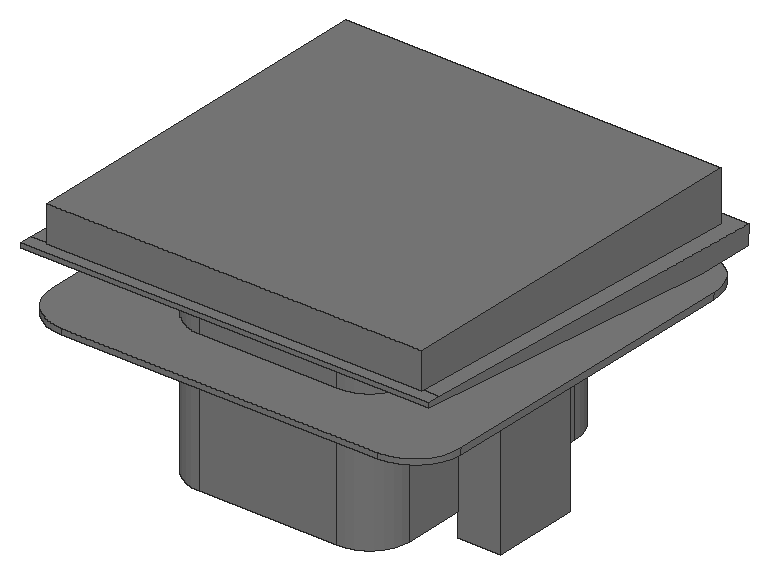
Revit family "Gira_012865", category Electrical Fixtures, host Face, Revit 2017
Family settings
  Host = Face
  Maintain Annotation Orientation = Yes
  Round Connector Dimension = Use Diameter
  Part Type = Normal
  Cut with Voids When Loaded = No
  Shared = No
  Room Calculation Point = No
Parameters (values of type "Tastschalter Wechselsch. 2f Gira TX_44 (WG UP) F Alu")
  Zusammenstellung = "Basiselement mit zentraler Abdeckplatte"
  Werkstoffgüte = "sonstige"
  Werkstoff = "sonstige"
  Waschmaschinenschalter = "No"
  URL = "http://katalog.gira.de/de_DE/datenblatt.html?artikelnr=012865"
  Textfeld/Beschriftungsfläche = "nein"
  Tastschalter = "Yes"
  Schaltungsart = "Wechsel-/Wechselschalter"
  Rückmeldekontakt = "No"
  Region = "DE"
  Oberfläche = "sonstige"
  Nennspannung = "250 Volt"
  Name = "Tastschalter Wechselsch. 2f Gira TX_44 (WG UP) F Alu"
  Montageart = "unter Putz"
  Mit Montageplatte = "No"
  Manufacturer URL = "https://www.gira.de/"
  Keynote = "TX44_Komplettgerät_Schalten und Tasten"
  HeinzeBIM = "https://bimportal.heinze.de/bim/tastschalter-wechselsch-2f-gira-tx-44-wg-up-f-alu/433cf6022466e6c585330d0fc69f3bfc4fd61841"
  Halogenfrei = "No"
  HAN = "012865"
  Geeignet für Schutzart (IP) = "IP44"
  GTIN = "4010337128656"
  Farbe = "aluminium"
  Default Elevation = 1219.2 mm
  Data sheet (1) = "https://katalog.gira.de/de_DE/download.html?artikelnr=012865"
  Category = "Installationsschalter"
  Bemessungsstrom = "10 Ampere"
  Beleuchtung = "nein"
  Befestigungsart = "Krallen-/Schraubbefestigung"
  Bedienungsart = "Wippe/Taste"
  Available = "Yes"
  Anzahl der Module (bei Modulbauweise) = "1 "
  Anzahl der Betätigungswippen = "2 "
  Anschlussart = "Steckklemme"
Reference planes
  plane 1 "Center (Front/Back)": y = 0
  plane 2 "Reference Level 0": z = 0
  plane 3 "Center (Left/Right)": x = 0
  plane 4: z = -28.6
Forms (mm)
  Extrusion 1, solid, material "Default", detail levels fine
    sketch origin (0, 0, 0) x (1, 0, 0) y (0, 1, 0)
      loop
        line (-32.604, 32.5) -> (-32.604, -32.5) -> (32.735, -32.5) -> (32.735, 32.5) -> (-32.604, 32.5)
    from 0 to 12.3
  Extrusion 2, solid, material "Default", detail levels fine
    sketch origin (0, 0, 0) x (0, 1, 0) y (0, 0, 1)
      loop
        line (35, 3.483) -> (-32.2, 6) -> (-34.55, 6) -> (-34.536, 5.199) -> (24.886, 0) -> (34.939, 0) -> (35, 3.483)
    from -35.5 to 35.5
  Extrusion 3, void
    sketch origin (0, 0, 0) x (0, 1, 0) y (0, 0, 1)
      loop
        line (42.419, 3.205) -> (-32.2, 6) -> (-42.193, 6) -> (-42.193, -11.826) -> (42.419, -11.826) -> (42.419, 3.205)
    from -64.194 to 61.264
  Extrusion 4, solid, material "Default", detail levels fine
    sketch origin (0, 0, 0) x (1, 0, 0) y (0, 1, 0)
      loop
        arc (35.5, 27.5) -> (33.157, 33.157) -> (27.5, 35.5) r 8
        line (27.5, 35.5) -> (-27.5, 35.5)
        arc (-27.5, 35.5) -> (-33.157, 33.157) -> (-35.5, 27.5) r 8
        line (-35.5, 27.5) -> (-35.5, -27.5)
        arc (-35.5, -27.5) -> (-33.157, -33.157) -> (-27.5, -35.5) r 8
        line (-27.5, -35.5) -> (27.5, -35.5)
        arc (27.5, -35.5) -> (33.157, -33.157) -> (35.5, -27.5) r 8
        line (35.5, -27.5) -> (35.5, 27.5)
    from -4.1 to -5.1
  Extrusion 5, solid, material "Default", detail levels fine
    sketch origin (0, 0, 0) x (1, 0, 0) y (0, 1, 0)
      loop
        arc (-12, 25) -> (-16.95, 22.95) -> (-19, 18) r 7
        line (-19, 18) -> (-19, -18)
        arc (-19, -18) -> (-16.95, -22.95) -> (-12, -25) r 7
        line (-12, -25) -> (12, -25)
        arc (12, -25) -> (16.95, -22.95) -> (19, -18) r 7
        line (19, -18) -> (19, 18)
        arc (19, 18) -> (16.95, 22.95) -> (12, 25) r 7
        line (12, 25) -> (-12, 25)
    from 4.692 to -28.6
  Extrusion 6, solid, material "Default", detail levels fine
    sketch origin (0, 0, 0) x (1, 0, 0) y (0, 1, 0)
      loop
        line (-26.5, -7.5) -> (-19, -7.5) -> (-19, 7.5) -> (-26.5, 7.5) -> (-26.5, -7.5)
    from -5.1 to -32.6
  Extrusion 7, solid, material "Default", detail levels fine
    sketch origin (0, 0, 0) x (-1, 0, 0) y (0, -1, 0)
      loop
        line (-26.5, 7.5) -> (-26.5, -7.5) -> (-19, -7.5) -> (-19, 7.5) -> (-26.5, 7.5)
    from -5.1 to -32.6
  Extrusion 8, solid, material "Default", detail levels medium
    sketch origin (0, 0, 0) x (1, 0, 0) y (0, 1, 0)
      loop
        line (-32.604, 32.5) -> (-32.604, -32.5) -> (32.735, -32.5) -> (32.735, 32.5) -> (-32.604, 32.5)
    from 0 to 12.3
  Extrusion 9, solid, material "Default", detail levels medium
    sketch origin (0, 0, 0) x (0, 1, 0) y (0, 0, 1)
      loop
        line (35, 3.483) -> (-32.2, 6) -> (-34.55, 6) -> (-34.445, 0) -> (34.939, 0) -> (35, 3.483)
    from -35.5 to 35.5
  Extrusion 10, solid, material "Default", detail levels medium
    sketch origin (0, 0, 0) x (1, 0, 0) y (0, 1, 0)
      loop
        line (-26.5, 25) -> (-26.5, -25) -> (26.5, -25) -> (26.5, 25) -> (-26.5, 25)
    from 4.692 to -32.6
  Extrusion 11, solid, material "Default", detail levels medium
    sketch origin (0, 0, 0) x (1, 0, 0) y (0, 1, 0)
      loop
        line (35.5, 35.5) -> (-35.5, 35.5) -> (-35.5, -35.5) -> (35.5, -35.5) -> (35.5, 35.5)
    from -4.1 to -5.1
  Extrusion 12, solid, material "Default", detail levels coarse
    sketch origin (0, 0, 0) x (1, 0, 0) y (0, 1, 0)
      loop
        line (35.5, 35.5) -> (-35.5, 35.5) -> (-35.5, -35.5) -> (35.5, -35.5) -> (35.5, 35.5)
    from -32.6 to 12.3
Cuts and joins
  Extrusion 3 cuts Extrusion 1
  joined: Extrusion 1, Extrusion 2, Extrusion 4, Extrusion 5, Extrusion 6, Extrusion 7
Dimensions and locks
  Extrusion 12 to Extrusion 12 = 44.9 mm
  aligned and locked: plane 2 "Reference Level 0" to host face
  aligned and locked: level to host face
  aligned and locked: plane 3 "Center (Left/Right)" to nested 1
  aligned and locked: plane 1 "Center (Front/Back)" to nested 1
Nested families
  nested 1: "Schalter" at (0, 0, 0), type "Schalter"
Connectors
  electrical at (0, 0, -32.6)
    settings: on Extrusion 12, index 1, voltage 220 V, apparent load 0 VA, apparent load phase1 0 VA, apparent load phase2 0 VA, apparent load phase3 0 VA, power factor 1, load classification "Other", number of poles 1, system type 30, power factor state 1, is connector primary yes, connector utility no, sub classification motor no, connector description ""
Definition of nested family "Schalter"
  Reference planes
    plane 1: y = 0
    plane 2: x = 0
  Lines and regions (mm)
    detail lines
      curve 1: circle (1.375, 2.778, 0) r 0.8 normal (0, 0, 1)
      curve 2: line (1.021, 2.061, 0) -> (0, 0, 0)
      curve 3: line (0, 0, 0) -> (-0.538, 0.266, 0)
  Dimensions and locks
    curve 2 to curve 2 = 2.3 mm
    curve 3 to curve 2 = 0.6 mm
    radius of curve 1 = 0.8 mm
